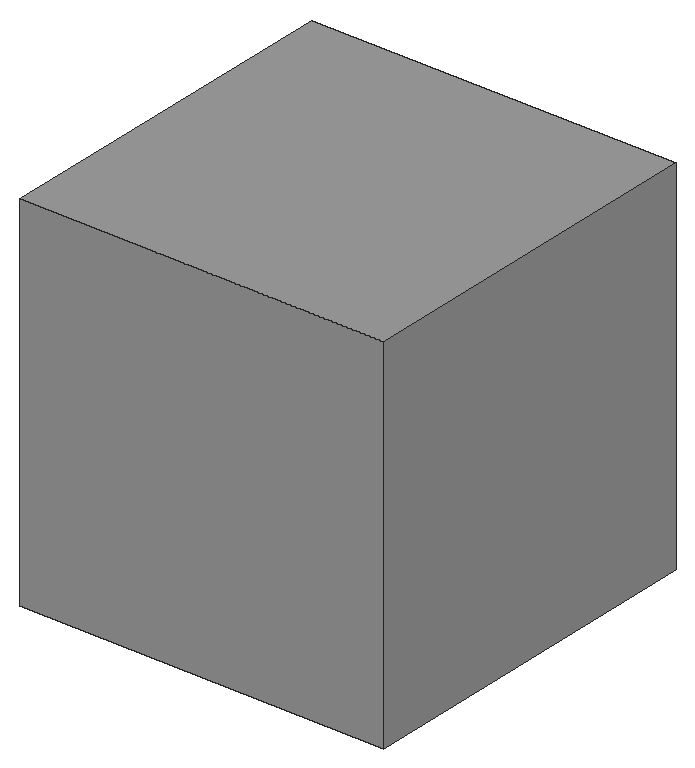
Revit family "Handhole", category Electrical Fixtures, Revit 2022
Family settings
  Round Connector Dimension = Use Diameter
  Part Type = Normal
  OmniClass Number = 23.80.00.00
  OmniClass Title = Electric Power and Lighting
  Work Plane-Based = No
  Always vertical = Yes
  Cut with Voids When Loaded = No
  Maintain Annotation Orientation = No
  Shared = No
  Room Calculation Point = No
Parameters
  Width [instance] = 200 mm
  SubSquare [instance] = 200 mm
  Material Code [instance] = ""
  LargeSquare [instance] = 200 mm
  IsAutoCalculatePullBoxSize [instance] = ""
  Height [instance] = 200 mm
  Diameter [instance] = Width / 1.1  # 181.818 mm
  Depth [instance] = 200 mm
  Default Elevation = 0 mm
Reference planes
  plane 1 "Center (Front/Back)": y = 0
  plane 2: z = 0
  plane 3 "Center (Left/Right)": x = 0
  plane 4: x = -100
  plane 5: x = 100
  plane 6: y = 100
  plane 7: y = -100
Forms (mm)
  Extrusion 1, solid, material "Default"
    sketch origin (0, 0, 0) x (1, 0, 0) y (0, 1, 0)
      loop
        line (-100, 100) -> (-100, -100) -> (100, -100) -> (100, 100) -> (-100, 100)
    from -100 to 100
Lines and regions (mm)
  model lines, style "Pull Box Line"
    curve 1: circle (-2.497, -0.886, 100) r 90.909 normal (0, 0, 1)
Dimensions and locks
  "Height": Extrusion 1 to Extrusion 1
  equal spacing: Extrusion 1, level, Extrusion 1
  equal spacing: plane 4, plane 3 "Center (Left/Right)", plane 5
  "Width": plane 4 to plane 5
  equal spacing: plane 7, plane 1 "Center (Front/Back)", plane 6
  "Depth": plane 7 to plane 6
  "Diameter": diameter of curve 1
  aligned and locked: level to plane 2
  aligned and locked: plane 6 to Extrusion 1 sketch curve
  aligned and locked: Extrusion 1 sketch curve to plane 7
  aligned and locked: Extrusion 1 sketch curve to plane 5
  aligned and locked: plane 4 to Extrusion 1 sketch curve
Automatic sketch dimensions
  plane 1 "Center (Front/Back)" to curve 1 = 0.886 mm
  curve 1 to plane 3 "Center (Left/Right)" = 2.497 mm
Connectors
  cabletrayconduit at (0, 0, 100), diameter 16
    settings: on Extrusion 1, index 1, connector width 300 mm, connector height 300 mm, connector angle 0.00°, system type 32, placement type 0, profile type 0, connector reference index -1, is primary connector yes, connector utility param no, connector description "Top"
  cabletrayconduit at (0, 100, 0), diameter 16
    settings: on Extrusion 1, index 2, connector width 300 mm, connector height 300 mm, connector angle 0.00°, system type 32, placement type 0, profile type 0, connector reference index -1, is primary connector no, connector utility param no, connector description "Back"
  cabletrayconduit at (0, -100, 0), diameter 16
    settings: on Extrusion 1, index 3, connector width 300 mm, connector height 300 mm, connector angle 0.00°, system type 32, placement type 0, profile type 0, connector reference index -1, is primary connector no, connector utility param no, connector description "Front"
  cabletrayconduit at (-100, 0, 0), diameter 16
    settings: on Extrusion 1, index 4, connector width 300 mm, connector height 300 mm, connector angle 0.00°, system type 32, placement type 0, profile type 0, connector reference index -1, is primary connector no, connector utility param no, connector description "Left"
  cabletrayconduit at (100, 0, 0), diameter 16
    settings: on Extrusion 1, index 5, connector width 300 mm, connector height 300 mm, connector angle 0.00°, system type 32, placement type 0, profile type 0, connector reference index -1, is primary connector no, connector utility param no, connector description "Right"
  cabletrayconduit at (0, 0, -100), diameter 16
    settings: on Extrusion 1, index 6, connector width 300 mm, connector height 300 mm, connector angle 0.00°, system type 32, placement type 0, profile type 0, connector reference index -1, is primary connector no, connector utility param no, connector description "Bottom"
